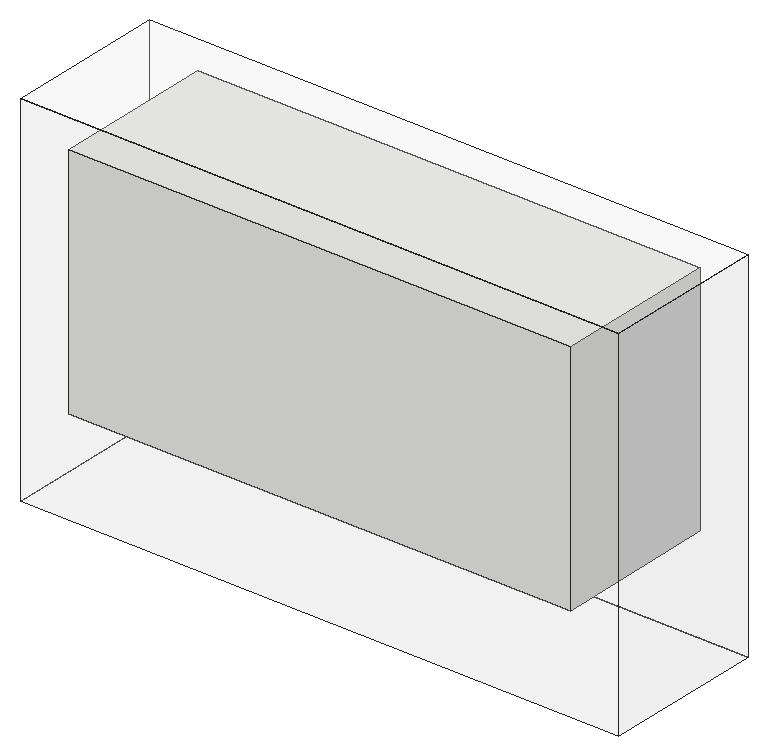
Revit family "vl-08(e)ps(a)(r)3_50Hz", category 機械設備, Revit 2019
Family settings
  丸型コネクタ寸法 = 直径を使用
  パーツ タイプ = 標準
  OmniClass 番号 = 23.75.35.17.27
  OmniClass タイトル = Centrifugal Fans
  作業面ベース = いいえ
  常に垂直 = はい
  ロード時にボイドで切り取り = いいえ
  共有 = いいえ
  部屋計算ポイント = いいえ
Parameters (values of type "VL-08PSA3")
  騒音レベル(dB(A)) [instance] = 32.5
  風量 [instance] = 38.0 m³/h
  電源種別 [instance] = ""
  電圧 = 100 V
  電動機出力 = 0 W
  電動機_種別 [instance] = ""
  運転質量 = 0.00 kg
  連動 [instance] = ""
  質量 = if(製品質量 > 運転質量, 製品質量, 運転質量) * 1.2  # 6.00 kg
  負荷分類 = 3_ファン類
  説明 = "換気空清機ロスナイ 冬期結露防止用 壁掛1パイプ取付タイプ"
  設計風量 [instance] = 0.0 m³/h
  設置方法 = "壁付"
  記号 [instance] = ""
  製造元 = "三菱電機株式会社"
  製品質量 = 5.00 kg
  製品出荷対象 = "国内"
  製品リリース年月 = "2019年5月16日"
  製品グループ = ""
  系統 [instance] = ""
  符号 [instance] = ""
  積算_科目 = "2 換気設備"
  積算_拾い区分 [instance] = ""
  相 = 1
  盤記号 [instance] = ""
  発停方法 [instance] = ""
  特殊仕様 [instance] = ""
  温度交換効率 = 68.00%
  メンテナンススペース = yes
  火災停止 [instance] = ""
  消費電力 = 20.5 W
  法定耐用年数 = "15"
  機外静圧 [instance] = 0.0 Pa
  極数 = 2
  材質 [instance] = ""
  操作・制御方式 = ""
  操作・制御スイッチ = ""
  排気量 [instance] = 0.0 m³/h
  形式 = ""
  幹線記号 [instance] = ""
  対象室 [instance] = ""
  実風量 [instance] = 0.0 m³/h
  始動方式 [instance] = "直入"
  外気量 [instance] = 0.0 m³/h
  呼称 = ""
  周波数 = 50 Hz
  参照している仕様書等のバージョン = ""
  分類コード = "50052504100030"
  分類グループ = ""
  価格 = 73300
  企業コード = "108420"
  付属品_防振装置 = ""
  付属品 [instance] = ""
  仕様書バージョン = "Version1.0"
  モデル = "VL-08PSA3"
  マテリアル = 合成樹脂(白)
  ファンの種類 = ""
  ダクト径 = 100 mm
  コメント [instance] = ""
  Keynote = ""
  Width = 522 mm
  W2 = if(Width / 2 < Depth, Width / 2, Depth)  # 168 mm
  W1 = 57 mm
  Version = ""
  Uniclass2015Version = "Systems v1.9"
  Uniclass2015Title = "Twin centrifugal fans"
  Uniclass2015Code = "Pr_65_67_29_89"
  URL = "https://www.mitsubishielectric.co.jp/ldg/wink/ssl/displayProduct.do?pid=300961"
  SpecificationReference = ""
  SpecificationDescription = ""
  SAサイズ_D = 114 mm
  Revision = ""
  ProductInformation = ""
  OmniClassCode = "23-33 31 19 13 13"
  MIN風量 = 22.0 m³/h
  MIN静圧 = 0.0 Pa
  MID風量 = 0.0 m³/h
  MID静圧 = 0.0 Pa
  MAX風量 = 38.0 m³/h
  MAX静圧 = 0.0 Pa
  IfcTypeProduct = ""
  IfcProduct = ""
  IfcExportType = "CENTRIFUGALBACKWARDINCLINEDCURVED"
  IfcExportAs = "IfcFanType"
  Height = 245 mm
  H1 = 40.5 mm
  EAサイズ_D = 114 mm
  Depth = 168 mm
  D1 = 28 mm
  Clearance Top = 30 mm
  Clearance Right = 50 mm
  Clearance Left = 50 mm
  Clearance Front = 0 mm
  Clearance Bottom = 100 mm
  Clearance Back = 0 mm
  Author = "三菱電機株式会社"
Types (4, lengths in mm): name | 消費電力 | 価格 | モデル | URL
  VL-08PS3 | 18.5 W | 51300 | "VL-08PS3" | "https://www.mitsubishielectric.co.jp/ldg/wink/ssl/displayProduct.do?pid=300959"
  VL-08EPS3 | 20.5 W | 59300 | "VL-08EPS3" | "https://www.mitsubishielectric.co.jp/ldg/wink/ssl/displayProduct.do?pid=300955"
  VL-08PSR3 | 20.5 W | 63900 | "VL-08PSR3" | "https://www.mitsubishielectric.co.jp/ldg/wink/ssl/displayProduct.do?pid=300963"
  VL-08PSA3 | 20.5 W | 73300 | "VL-08PSA3" | "https://www.mitsubishielectric.co.jp/ldg/wink/ssl/displayProduct.do?pid=300961"
Reference planes
  plane 1 "中心(正面/背面)": y = 0
  plane 2: z = 0
  plane 3 "中心(左/右)": x = 0
  plane 4: x = 311
  plane 5: y = 0
  plane 6: y = -168
  plane 7: x = -261
  plane 8: x = 261
  plane 9: y = -168
  plane 10: z = 152.5
  plane 11: z = -122.5
  plane 12: x = -311
  plane 13: z = -222.5
  plane 14: y = -84
  plane 15: z = 122.5
  plane 16: y = 28
  plane 17: z = -40.5
  plane 18: x = -130.5
  plane 19: x = 130.5
  plane 20: through (4267.2, -27.218, -39.548) normal (0, 0.0349, 0.9994)
Forms (mm)
  Extrusion 1, solid, material "合成樹脂(白)" <- "マテリアル", detail levels fine
    sketch origin (0, 0, 0) x (1, 0, 0) y (0, 1, 0)
      loop
        line (-261, 0) -> (-261, -168) -> (261, -168) -> (261, 0) -> (-261, 0)
    from -122.5 to 122.5
  Revolve 2, solid, material "合成樹脂(白)" <- "マテリアル", detail levels fine
    sketch origin (0, 0, 0) x (0, 1, 0) y (0, 0, 1)
      loop
        line (-4.86, -40.33) -> (-6.849, -97.296) -> (28, -98.513) -> (29.989, -41.547) -> (-4.86, -40.33)
      axis (-4.86, -40.33) -> (29.989, -41.547)
    angle from 0 to 360
Cuts and joins
  joined: Extrusion 1, Revolve 2
Lines and regions (mm)
  Masking region 1, detail levels coarse+medium
    outline origin (2279.921, -68.194, 0) x (1, 0, 0) y (0, 1, 0)
      loop
        line (-2540.921, 68.194) -> (-2540.921, -99.806) -> (-2018.921, -99.806) -> (-2018.921, 68.194) -> (-2540.921, 68.194)
  symbolic lines, detail levels coarse+medium
    curve 1: circle (130.5, -84, 0) r 84 normal (0, 0, 1)
    curve 2: circle (-130.5, -84, 0) r 84 normal (0, 0, 1)
Dimensions and locks
  equal spacing: plane 7, plane 3 "中心(左/右)", plane 8
  "Width": plane 7 to plane 8
  "Clearance Left": plane 12 to plane 7
  "Depth": plane 1 "中心(正面/背面)" to plane 9
  "Clearance Front": plane 9 to plane 6
  "Clearance Back": plane 5 to plane 1 "中心(正面/背面)"
  "Clearance Right": plane 8 to plane 4
  "Clearance Bottom": plane 11 to plane 13
  equal spacing: plane 1 "中心(正面/背面)", plane 14, plane 9
  "Height": plane 15 to plane 11
  "Clearance Top": plane 10 to plane 15
  equal spacing: plane 15, level, plane 11
  "D1": plane 16 to plane 1 "中心(正面/背面)"
  "H1": level to plane 17
  "W1": Revolve 2 sketch curve to Revolve 2 sketch curve
  equal spacing: plane 7, plane 18, plane 3 "中心(左/右)"
  equal spacing: plane 3 "中心(左/右)", plane 19, plane 8
  "W2": diameter of curve 2
  "W2": diameter of curve 1
  aligned and locked: level to plane 2
  aligned and locked: plane 8 to Extrusion 1
  aligned and locked: Extrusion 1 to plane 9
  aligned and locked: Extrusion 1 to plane 7
  aligned and locked: Extrusion 1 to plane 11
  aligned and locked: Extrusion 1 to plane 1 "中心(正面/背面)"
  aligned and locked: plane 15 to Extrusion 1
  aligned and locked: nested 1 to plane 6
  aligned and locked: nested 1 to plane 5
  aligned and locked: plane 12 to nested 1
  aligned and locked: plane 4 to nested 1
  aligned and locked: plane 13 to nested 1
  aligned and locked: plane 10 to nested 1
  aligned and locked: plane 17 to Revolve 2 sketch curve
  aligned and locked: Masking region 1 to plane 7
  aligned and locked: plane 8 to Masking region 1
  aligned and locked: Masking region 1 to plane 1 "中心(正面/背面)"
  aligned and locked: Masking region 1 to plane 9
Automatic sketch dimensions
  Extrusion 1 sketch curve to plane 3 "中心(左/右)" = 261 mm
  plane 3 "中心(左/右)" to Extrusion 1 sketch curve = 261 mm
  plane 1 "中心(正面/背面)" to Extrusion 1 sketch curve = 168 mm
  Extrusion 1 sketch curve to plane 1 "中心(正面/背面)" = 0 mm
  Masking region 1 sketch curve to plane 4 = 572 mm
  Masking region 1 sketch curve to Masking region 1 sketch curve = 522 mm
  plane 6 to Masking region 1 sketch curve = 0 mm
  plane 14 to Masking region 1 sketch curve = 84 mm
  curve 2 to plane 14 = 0 mm
  curve 2 to plane 18 = 0 mm
  curve 1 to plane 14 = 0 mm
  curve 1 to plane 19 = 0 mm
  Revolve 2 sketch curve to plane 1 "中心(正面/背面)" = 0 mm
  Revolve 2 sketch curve to plane 16 = 0 mm
  plane 16 to Revolve 2 sketch curve = 1.989 mm
  Revolve 2 sketch curve to plane 17 = 1.047 mm  (x2)
  plane 17 to Revolve 2 sketch curve = 0.17 mm
Nested families
  nested 1: "メンテナンススペース" at (0, -84, -35), visible <- "メンテナンススペース", type "メンテナンススペース"
    with Width 622 mm, Height 375 mm, Depth 168 mm
Connectors
  electrical at (0, 0, 0), driven by "極数", driven by "電圧", driven by "消費電力"
    settings: on Extrusion 1, index 1, voltage 100 V, apparent load 20.5 VA, apparent load phase1 0 VA, apparent load phase2 0 VA, apparent load phase3 0 VA, power factor 1, load classification "その他", number of poles 2, system type 30, power factor state 1, is connector primary yes, connector utility no, sub classification motor no, connector description ""
  hvac at (0, 29.989, -41.547), driven by "ダクト径"
    settings: on cut or joined group of Extrusion 1, Revolve 2, index 2, duct flow 0.0 m³/h, flow factor 0, pres drop 0.0 Pa, loss coef 0, conn angle 0.00°, conn width 304.8 mm, conn height 304.8 mm, conn diameter 100 mm, duct sys type 1, conn prof type 0, flow config 0, flow direction 0, loss method 0, conn ref index -1, conn util no, is conn primary yes, conn desc ""
Definition of nested family "メンテナンススペース"
  Parameters (values of type "メンテナンススペース")
    Width [instance] = 500 mm
    Height [instance] = 500 mm
    Depth [instance] = 500 mm
  Reference planes
    plane 1 "中心(正面/背面)": y = 0
    plane 2: z = 0
    plane 3 "中心(左/右)": x = 0
    plane 4: y = -250
    plane 5: x = 250
    plane 6: y = 250
    plane 7: x = -250
    plane 8: z = 250
    plane 9: z = -250
  Forms (mm)
    Extrusion 1, solid
      sketch origin (-638.939, 0, 72.39) x (1, 0, 0) y (0, 1, 0)
        loop
          line (388.939, 250) -> (388.939, -250) -> (888.939, -250) -> (888.939, 250) -> (388.939, 250)
      from -322.39 to 177.61
  Lines and regions (mm)
    symbolic lines
      curve 1: line (-250, 0, 250) -> (250, 0, 250)
      curve 2: line (-250, 0, -250) -> (-250, 0, 250)
      curve 3: line (250, 0, -250) -> (-250, 0, -250)
      curve 4: line (250, 0, 250) -> (250, 0, -250)
      curve 5: line (0, -250, 250) -> (0, 250, 250)
      curve 6: line (0, -250, -250) -> (0, -250, 250)
      curve 7: line (0, 250, -250) -> (0, -250, -250)
      curve 8: line (0, 250, 250) -> (0, 250, -250)
      curve 9: line (-250, 250, 0) -> (250, 250, 0)
      curve 10: line (-250, -250, 0) -> (-250, 250, 0)
      curve 11: line (250, -250, 0) -> (-250, -250, 0)
      curve 12: line (250, 250, 0) -> (250, -250, 0)
  Dimensions and locks
    equal spacing: plane 7, plane 3 "中心(左/右)", plane 5
    equal spacing: plane 4, plane 1 "中心(正面/背面)", plane 6
    "Depth": plane 4 to plane 6
    "Width": plane 7 to plane 5
    equal spacing: plane 8, plane 2, plane 9
    "Height": plane 8 to plane 9
    aligned and locked: plane 9 to curve 3
    aligned and locked: plane 7 to curve 2
    aligned and locked: curve 4 to plane 5
    aligned and locked: plane 5 to Extrusion 1
    aligned and locked: Extrusion 1 to plane 7
    aligned and locked: Extrusion 1 to plane 9
    aligned and locked: plane 8 to Extrusion 1
    aligned and locked: plane 9 to curve 7
  Automatic sketch dimensions
    plane 4 to Extrusion 1 sketch curve = 0 mm
    Extrusion 1 sketch curve to plane 7 = 0 mm
    Extrusion 1 sketch curve to plane 5 = 0 mm
    plane 6 to Extrusion 1 sketch curve = 0 mm
    curve 2 to plane 8 = 0 mm
    plane 4 to curve 11 = 0 mm
    curve 11 to plane 7 = 0 mm
    curve 11 to plane 5 = 0 mm
    plane 6 to curve 10 = 0 mm
    curve 7 to plane 4 = 0 mm
    curve 7 to plane 6 = 0 mm
    curve 6 to plane 8 = 0 mm
